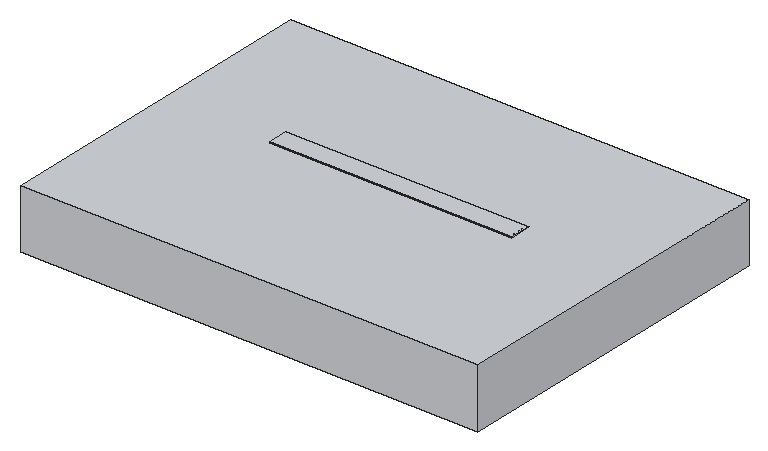
Revit family "M_Difusor de fornecimento com plenum - Fenda linear - Hospedado", category Terminais de ar, Revit 2019
Family settings
  Hospedeiro = Face
  Cota do conector redondo = Usar raio
  Tipo de parte = Normal
  Número OmniClass = 23.75.70.21.27.11
  Título OmniClass = Diffusers, Registers, and Grilles
  ID de item do Seek = Supply Diffuser with Plenum - Linear Slot - Hosted-0000-CAN-ENU
  Corte com vazios quando carregada = Não
  Compartilhado = Não
  Ponto de cálculo do ambiente = Não
Parameters (values of type "Padrão")
  Largura 5 = Largura de meio difusor + 32 mm  # 73.5 mm
  Largura 4 = Largura de meio difusor / 4  # 10.375 mm
  Largura 3 = Largura de meio difusor / 3  # 13.833 mm
  Largura 2 = Largura de meio difusor / 2  # 20.75 mm
  Largura 1 = Largura do difusor / 2 + 12.5 mm  # 54 mm
  Largura da fenda = 25 mm
  Número da fenda = 2
  Queda de pressão [instance] = 18.0 Pa
  Raio do duto = 75 mm
  Diâmetro do duto = Raio do duto * 2  # 150 mm
  Comprimento 1 = Comprimento do difusor / 2 + 12.5 mm  # 622 mm
  Fluxo [instance] = 57.0 L/s
  Material do difusor = none
  Comprimento de meio difusor = Comprimento do difusor * 1 / 2  # 609.5 mm
  Largura do difusor = 83 mm
  Comprimento do difusor = 1219 mm
  Largura de meio difusor = Largura do difusor * 1 / 2  # 41.5 mm
  Elevação-padrão = 1200 mm
  Assembly Code = ""
  Visibilidade da fenda 4 = Número da fenda = 4  # no
  Visibilidade da fenda 3 = Número da fenda = 3  # no
  Visibilidade da fenda 2 = Número da fenda = 2  # yes
  Visibilidade da fenda 1 = Número da fenda = 1  # no
Reference planes
  plane 1 "Centro (Frente/Trás)": y = 0
  plane 2: z = 0
  plane 3 "Centro (Esquerda/Direita)": x = 0
  plane 4: y = -41.5
  plane 5: y = -54
  plane 6: y = 54
  plane 7: y = 41.5
  plane 8: x = -609.5
  plane 9: x = 622
  plane 10: x = 609.5
  plane 11: x = -622
  plane 12 "superfície superior": z = 3.175
  plane 13: z = -279.4
  plane 14: z = -234.95
  plane 15: z = -159.95
  plane 16: x = -75
  plane 17: x = 75
  plane 18: y = -73.5
  plane 19: y = 20.75
  plane 20: y = -20.75
  plane 21: y = 27.667
  plane 22: y = -27.667
  plane 23: y = 10.375
  plane 24: y = 31.125
  plane 25: y = -10.375
  plane 26: y = -31.125
Forms (mm)
  Extrusion 1, solid
    sketch origin (0, 0, 0) x (1, 0, 0) y (0, 1, 0)
      loop
        line (-1180.8, 784.25) -> (-1180.8, -956.15) -> (1168.1, -956.15) -> (1168.1, 784.25) -> (-1180.8, 784.25)
    from 0 to -304.8
  Extrusion 2, solid, material <- "Material do difusor"
    sketch origin (0, 0, 0) x (1, 0, 0) y (0, 1, 0)
      loop
        line (-609.5, 41.5) -> (-609.5, -41.5) -> (609.5, -41.5) -> (609.5, 41.5) -> (-609.5, 41.5)
    from -279.4 to 0
  Extrusion 3, solid, material <- "Material do difusor"
    sketch origin (-200.09, -6.234, 0) x (1, 0, 0) y (0, 1, 0)
      loop
        line (-421.91, 60.234) -> (-421.91, -47.766) -> (822.09, -47.766) -> (822.09, 60.234) -> (-421.91, 60.234)
    from 0 to 3.175
  Extrusion 4, solid, material <- "Material do difusor"
    sketch origin (0, 0, 0) x (1, 0, 0) y (0, 0, 1)
      loop
        circle (0, -159.95) r 75
    from 41.5 to 73.5
Lines and regions (mm)
  model lines
    curve 1: line (-609.5, 41.5, 3.175) -> (609.5, 41.5, 3.175)
    curve 2: line (-609.5, -41.5, 3.175) -> (-609.5, 41.5, 3.175)
    curve 3: line (609.5, -41.5, 3.175) -> (-609.5, -41.5, 3.175)
    curve 4: line (609.5, 41.5, 3.175) -> (609.5, -41.5, 3.175)
  model lines, visible <- "Visibilidade da fenda 2"
    curve 5: line (-609.5, 20.75, 3.175) -> (609.5, 20.75, 3.175)
    curve 6: line (-609.5, -20.75, 3.175) -> (609.5, -20.75, 3.175)
  model lines, visible <- "Visibilidade da fenda 4"
    curve 7: line (-609.5, 31.125, 3.175) -> (609.5, 31.125, 3.175)
    curve 8: line (-609.5, -31.125, 3.175) -> (609.5, -31.125, 3.175)
    curve 9: line (-609.5, 10.375, 3.175) -> (609.5, 10.375, 3.175)
    curve 10: line (-609.5, -10.375, 3.175) -> (609.5, -10.375, 3.175)
  model lines, visible <- "Visibilidade da fenda 3"
    curve 11: line (-609.5, 0, 3.175) -> (609.5, 0, 3.175)
    curve 12: line (-609.5, 27.667, 3.175) -> (609.5, 27.667, 3.175)
    curve 13: line (-609.5, -27.667, 3.175) -> (609.5, -27.667, 3.175)
  model lines, visible <- "Visibilidade da fenda 1"
    curve 14: line (-609.5, 0, 3.175) -> (609.5, 0, 3.175)
  symbolic lines, visible <- "Visibilidade da fenda 1", detail levels fine
    curve 15: line (-609.5, 0, 0) -> (609.5, 0, 0)
  symbolic lines, visible <- "Visibilidade da fenda 3", detail levels fine
    curve 16: line (-609.5, 0, 0) -> (609.5, 0, 0)
    curve 21: line (-609.5, 27.667, 0) -> (609.5, 27.667, 0)
    curve 22: line (-609.5, -27.667, 0) -> (609.5, -27.667, 0)
  symbolic lines, visible <- "Visibilidade da fenda 4", detail levels fine
    curve 17: line (-609.5, 10.375, 0) -> (609.5, 10.375, 0)
    curve 18: line (-609.5, -10.375, 0) -> (609.5, -10.375, 0)
    curve 23: line (-609.5, 31.125, 0) -> (609.5, 31.125, 0)
    curve 24: line (-609.5, -31.125, 0) -> (609.5, -31.125, 0)
  symbolic lines, visible <- "Visibilidade da fenda 2", detail levels fine
    curve 19: line (-609.5, 20.75, 0) -> (609.5, 20.75, 0)
    curve 20: line (-609.5, -20.75, 0) -> (609.5, -20.75, 0)
  symbolic lines
    curve 25: line (-622, 54, 0) -> (622, 54, 0)
    curve 26: line (-622, -54, 0) -> (-622, 54, 0)
    curve 27: line (622, -54, 0) -> (-622, -54, 0)
    curve 28: line (622, 54, 0) -> (622, -54, 0)
  symbolic lines, detail levels fine
    curve 29: line (-609.5, 41.5, 0) -> (609.5, 41.5, 0)
    curve 30: line (-609.5, -41.5, 0) -> (-609.5, 41.5, 0)
    curve 31: line (609.5, -41.5, 0) -> (-609.5, -41.5, 0)
    curve 32: line (609.5, 41.5, 0) -> (609.5, -41.5, 0)
Dimensions and locks
  locked: level to plane 12 "superfície superior" at 3.175
  locked: level to plane 13 at 279.4
  locked: plane 14 to plane 13 at 44.45
  equal spacing: plane 16, plane 3 "Centro (Esquerda/Direita)", plane 17
  "Diâmetro do duto": plane 16 to plane 17
  "Raio do duto": plane 15 to plane 14
  "Comprimento 1": plane 3 "Centro (Esquerda/Direita)" to plane 9
  "Comprimento 1": plane 11 to plane 3 "Centro (Esquerda/Direita)"
  "Largura 1": plane 6 to plane 1 "Centro (Frente/Trás)"
  "Largura 1": plane 5 to plane 1 "Centro (Frente/Trás)"
  "Comprimento de meio difusor": plane 8 to plane 3 "Centro (Esquerda/Direita)"
  "Comprimento de meio difusor": plane 3 "Centro (Esquerda/Direita)" to plane 10
  "Largura de meio difusor": plane 1 "Centro (Frente/Trás)" to plane 7
  "Largura de meio difusor": plane 4 to plane 1 "Centro (Frente/Trás)"
  "Largura 2": plane 1 "Centro (Frente/Trás)" to plane 19
  "Largura 2": plane 20 to plane 1 "Centro (Frente/Trás)"
  "Largura 3": plane 21 to plane 7
  "Largura 3": plane 22 to plane 4
  "Largura 4": plane 23 to plane 1 "Centro (Frente/Trás)"
  "Largura 4": plane 24 to plane 7
  "Largura 4": plane 25 to plane 1 "Centro (Frente/Trás)"
  "Largura 4": plane 26 to plane 4
  "Largura 5": plane 18 to plane 1 "Centro (Frente/Trás)"
  "Raio do duto": radius of Extrusion 4 sketch curve
  aligned and locked: plane 2 to Extrusion 1
  aligned and locked: level to Extrusion 1
  aligned and locked: Extrusion 2 to plane 13
  aligned and locked: level to Extrusion 2
  aligned and locked: plane 4 to curve 3
  aligned and locked: plane 7 to curve 1
  aligned and locked: plane 10 to Extrusion 2
  aligned and locked: plane 3 "Centro (Esquerda/Direita)" to Extrusion 4 sketch curve
  aligned and locked: plane 15 to Extrusion 4 sketch curve
  aligned and locked: plane 8 to curve 2
  aligned and locked: Extrusion 2 to plane 8
  aligned and locked: Extrusion 3 to plane 11
  aligned and locked: plane 9 to Extrusion 3
  aligned and locked: plane 6 to Extrusion 3
  aligned and locked: plane 5 to Extrusion 3
  aligned and locked: Extrusion 2 to plane 7
  aligned and locked: Extrusion 2 to plane 4
  aligned and locked: plane 4 to Extrusion 4
  aligned and locked: Extrusion 4 to plane 18
  aligned and locked: curve 5 to plane 19
  aligned and locked: plane 20 to curve 6
  aligned and locked: curve 7 to plane 24
  aligned and locked: plane 26 to curve 8
  aligned and locked: curve 9 to plane 23
  aligned and locked: plane 25 to curve 10
  aligned and locked: curve 12 to plane 21
  aligned and locked: curve 13 to plane 22
  aligned and locked: plane 1 "Centro (Frente/Trás)" to curve 11
  aligned and locked: plane 1 "Centro (Frente/Trás)" to curve 14
  aligned and locked: plane 18 to Extrusion 4  (x3)
  aligned and locked: curve 15 to curve 14
  aligned and locked: curve 16 to curve 14
  aligned and locked: curve 17 to curve 9
  aligned and locked: curve 18 to curve 10
  aligned and locked: curve 19 to curve 5
  aligned and locked: curve 20 to curve 6
  aligned and locked: curve 21 to curve 12
  aligned and locked: curve 22 to curve 13
  aligned and locked: curve 23 to curve 7
  aligned and locked: curve 24 to curve 8
  aligned and locked: curve 25 to Extrusion 3  (x2)
  aligned and locked: Extrusion 3 to curve 28
  aligned and locked: curve 28 to Extrusion 3
  aligned and locked: curve 2 to curve 29
  aligned and locked: curve 29 to curve 1
  aligned and locked: curve 32 to curve 3
  aligned and locked: curve 32 to curve 4
Automatic sketch dimensions
  Extrusion 2 sketch curve to plane 4 = 0 mm
  Extrusion 2 sketch curve to plane 8 = 0 mm
  Extrusion 2 sketch curve to plane 10 = 0 mm
  Extrusion 2 sketch curve to plane 7 = 0 mm
  Extrusion 3 sketch curve to plane 5 = 0 mm
  Extrusion 3 sketch curve to plane 11 = 0 mm
  Extrusion 3 sketch curve to plane 9 = 0 mm
  Extrusion 3 sketch curve to plane 6 = 0 mm
  curve 6 to plane 8 = 0 mm
  curve 5 to plane 8 = 0 mm
  curve 6 to plane 10 = 0 mm
  curve 5 to plane 10 = 0 mm
  curve 14 to plane 10 = 0 mm
  Extrusion 1 sketch curve to Extrusion 1 sketch curve = 2348.9 mm
  Extrusion 1 sketch curve to Extrusion 1 sketch curve = 1740.4 mm
Connectors
  hvac at (0, -73.5, -159.95), driven by "Fluxo", driven by "Raio do duto", driven by "Queda de pressão"
    settings: on Extrusion 4, index 1, duct flow 57.0 L/s, flow factor 0, pres drop 18.0 Pa, loss coef 0, conn angle 0.00°, conn width 304.8 mm, conn height 304.8 mm, conn diameter 150 mm, duct sys type 1, conn prof type 0, flow config 1, flow direction 1, loss method 4, conn ref index -1, conn util no, is conn primary yes, conn desc ""
Types in the file's own list only (48): name | Largura 5 | Largura 4 | Largura 3 | Largura 2 | Largura 1 | Largura da fenda | Número da fenda | Comprimento 1 | Comprimento de meio difusor | Largura do difusor | Comprimento do difusor | Largura de meio difusor | Visibilidade da fenda 4 | Visibilidade da fenda 3 | Visibilidade da fenda 2 | Visibilidade da fenda 1
  Entrada com 1 slot de 600mmx50mm-150 mm | 57 mm | 6 mm | 8 mm | 13 mm | 38 mm | 13 mm | 1 | 313 mm | 300 mm | 50 mm | 600 mm | 25 mm | Não | Não | Não | Sim
  Entrada com 1 slot de 1200mmx50mm-150 mm | 57 mm | 6 mm | 8 mm | 13 mm | 38 mm | 13 mm | 1 | 613 mm | 600 mm | 50 mm | 1200 mm | 25 mm | Não | Não | Não | Sim
  Entrada com 1 slot de 1200mmx50mm-200 mm | 57 mm | 6 mm | 8 mm | 13 mm | 38 mm | 13 mm | 1 | 613 mm | 600 mm | 50 mm | 1200 mm | 25 mm | Não | Não | Não | Sim
  Entrada com 1 slot de 1500mmx50mm-150 mm | 57 mm | 6 mm | 8 mm | 13 mm | 38 mm | 13 mm | 1 | 763 mm | 750 mm | 50 mm | 1500 mm | 25 mm | Não | Não | Não | Sim
  Entrada com 1 slot de 600mmx56.3mm-150 mm | 60 mm | 7 mm | 9 mm | 14 mm | 41 mm | 19 mm | 1 | 313 mm | 300 mm | 56 mm | 600 mm | 28 mm | Não | Não | Não | Sim
  Entrada com 1 slot de 600mmx56.3mm-200 mm | 60 mm | 7 mm | 9 mm | 14 mm | 41 mm | 19 mm | 1 | 313 mm | 300 mm | 56 mm | 600 mm | 28 mm | Não | Não | Não | Sim
  Entrada com 1 slot de 1200mmx56.3mm-150 mm | 60 mm | 7 mm | 9 mm | 14 mm | 41 mm | 19 mm | 1 | 613 mm | 600 mm | 56 mm | 1200 mm | 28 mm | Não | Não | Não | Sim
  Entrada com 1 slot de 1200mmx56.3mm-200 mm | 60 mm | 7 mm | 9 mm | 14 mm | 41 mm | 19 mm | 1 | 613 mm | 600 mm | 56 mm | 1200 mm | 28 mm | Não | Não | Não | Sim
  Entrada com 1 slot de 1500mmx56.25mm-200 mm | 60 mm | 7 mm | 9 mm | 14 mm | 41 mm | 19 mm | 1 | 763 mm | 750 mm | 56 mm | 1500 mm | 28 mm | Não | Não | Não | Sim
  Entrada com 1 slot de 600mmx62.5mm-150 mm | 63 mm | 8 mm | 10 mm | 16 mm | 44 mm | 25 mm | 1 | 313 mm | 300 mm | 63 mm | 600 mm | 31 mm | Não | Não | Não | Sim
  Entrada com 1 slot de 600mmx62.5mm-200 mm | 63 mm | 8 mm | 10 mm | 16 mm | 44 mm | 25 mm | 1 | 313 mm | 300 mm | 63 mm | 600 mm | 31 mm | Não | Não | Não | Sim
  Entrada com 1 slot de 1200mmx62.5mm-150 mm | 63 mm | 8 mm | 10 mm | 16 mm | 44 mm | 25 mm | 1 | 613 mm | 600 mm | 63 mm | 1200 mm | 31 mm | Não | Não | Não | Sim
  Entrada com 1 slot de 1200mmx62.5mm-200 mm | 63 mm | 8 mm | 10 mm | 16 mm | 44 mm | 25 mm | 1 | 613 mm | 600 mm | 63 mm | 1200 mm | 31 mm | Não | Não | Não | Sim
  Entrada com 1 slot de 1500mmx62.5mm-150 mm | 63 mm | 8 mm | 10 mm | 16 mm | 44 mm | 25 mm | 1 | 763 mm | 750 mm | 63 mm | 1500 mm | 31 mm | Não | Não | Não | Sim
  Entrada com 2 slots de 600mmx81.3mm-150 mm | 73 mm | 10 mm | 14 mm | 20 mm | 53 mm | 13 mm | 2 | 313 mm | 300 mm | 81 mm | 600 mm | 41 mm | Não | Não | Sim | Não
  Entrada com 2 slots de 1200mmx81.3mm-150 mm | 73 mm | 10 mm | 14 mm | 20 mm | 53 mm | 13 mm | 2 | 613 mm | 600 mm | 81 mm | 1200 mm | 41 mm | Não | Não | Sim | Não
  Entrada com 2 slots de 1200mmx81.3mm-200 | 73 mm | 10 mm | 14 mm | 20 mm | 53 mm | 13 mm | 2 | 613 mm | 600 mm | 81 mm | 1200 mm | 41 mm | Não | Não | Sim | Não
  Entrada com 2 slots de 1500mmx81.3mm-200 mm | 73 mm | 10 mm | 14 mm | 20 mm | 53 mm | 13 mm | 2 | 763 mm | 750 mm | 81 mm | 1500 mm | 41 mm | Não | Não | Sim | Não
  Entrada com 2 slots de 600mmx93.8mm-150 mm | 79 mm | 12 mm | 16 mm | 23 mm | 59 mm | 19 mm | 2 | 313 mm | 300 mm | 94 mm | 600 mm | 47 mm | Não | Não | Sim | Não
  Entrada com 2 slots de 600mmx93.8mm-200 mm | 79 mm | 12 mm | 16 mm | 23 mm | 59 mm | 19 mm | 2 | 313 mm | 300 mm | 94 mm | 600 mm | 47 mm | Não | Não | Sim | Não
  Entrada com 2 slots de 1200mmx93.8mm-150 mm | 79 mm | 12 mm | 16 mm | 23 mm | 59 mm | 19 mm | 2 | 613 mm | 600 mm | 94 mm | 1200 mm | 47 mm | Não | Não | Sim | Não
  Entrada com 2 slots de 1200mmx93.8mm-200 mm | 79 mm | 12 mm | 16 mm | 23 mm | 59 mm | 19 mm | 2 | 613 mm | 600 mm | 94 mm | 1200 mm | 47 mm | Não | Não | Sim | Não
  Entrada com 2 slots de 1500mmx93.8mm-200 mm | 79 mm | 12 mm | 16 mm | 23 mm | 59 mm | 19 mm | 2 | 763 mm | 750 mm | 94 mm | 1500 mm | 47 mm | Não | Não | Sim | Não
  Entrada com 2 slots de 600mmx106.3mm-150 mm | 85 mm | 13 mm | 18 mm | 27 mm | 66 mm | 25 mm | 2 | 313 mm | 300 mm | 106 mm | 600 mm | 53 mm | Não | Não | Sim | Não
  Entrada com 2 slots de 600mmx106.3mm-200 mm | 85 mm | 13 mm | 18 mm | 27 mm | 66 mm | 25 mm | 2 | 313 mm | 300 mm | 106 mm | 600 mm | 53 mm | Não | Não | Sim | Não
  Entrada com 2 slots de 1200mmx106.3mm-150 mm | 85 mm | 13 mm | 18 mm | 27 mm | 66 mm | 25 mm | 2 | 613 mm | 600 mm | 106 mm | 1200 mm | 53 mm | Não | Não | Sim | Não
  Entrada com 2 slots de 1200mmx106.3mm-200 mm | 85 mm | 13 mm | 18 mm | 27 mm | 66 mm | 25 mm | 2 | 613 mm | 600 mm | 106 mm | 1200 mm | 53 mm | Não | Não | Sim | Não
  Entrada com 2 slots de 1500mmx106.3mm-150 mm | 85 mm | 13 mm | 18 mm | 27 mm | 66 mm | 25 mm | 2 | 763 mm | 750 mm | 106 mm | 1500 mm | 53 mm | Não | Não | Sim | Não
  Entrada com 3 slots de 600mmx131.3mm-150 mm | 98 mm | 16 mm | 22 mm | 33 mm | 78 mm | 19 mm | 3 | 313 mm | 300 mm | 131 mm | 600 mm | 66 mm | Não | Sim | Não | Não
  Entrada com 3 slots de 600mmx131.3mm-200 mm | 98 mm | 16 mm | 22 mm | 33 mm | 78 mm | 19 mm | 3 | 313 mm | 300 mm | 131 mm | 600 mm | 66 mm | Não | Sim | Não | Não
  Entrada com 2 slots de 1200mmx131.3mm-150 mm | 98 mm | 16 mm | 22 mm | 33 mm | 78 mm | 19 mm | 3 | 613 mm | 600 mm | 131 mm | 1200 mm | 66 mm | Não | Sim | Não | Não
  Entrada com 2 slots de 1200mmx131.3mm-200 mm | 98 mm | 16 mm | 22 mm | 33 mm | 78 mm | 19 mm | 3 | 613 mm | 600 mm | 131 mm | 1200 mm | 66 mm | Não | Sim | Não | Não
  Entrada com 3 slots de 1500mmx131.3mm-200 mm | 98 mm | 16 mm | 22 mm | 33 mm | 78 mm | 19 mm | 3 | 763 mm | 750 mm | 131 mm | 1500 mm | 66 mm | Não | Sim | Não | Não
  Entrada com 3 slots de 600mmx150mm-150 mm | 107 mm | 19 mm | 25 mm | 38 mm | 88 mm | 25 mm | 3 | 313 mm | 300 mm | 150 mm | 600 mm | 75 mm | Não | Sim | Não | Não
  Entrada com 3 slots de 600mmx150mm-200 mm | 107 mm | 19 mm | 25 mm | 38 mm | 88 mm | 25 mm | 3 | 313 mm | 300 mm | 150 mm | 600 mm | 75 mm | Não | Sim | Não | Não
  Entrada com 3 slots de 1200mmx150mm-150 mm | 107 mm | 19 mm | 25 mm | 38 mm | 88 mm | 25 mm | 3 | 613 mm | 600 mm | 150 mm | 1200 mm | 75 mm | Não | Sim | Não | Não
  Entrada com 3 slots de 1200mmx150mm-200 mm | 107 mm | 19 mm | 25 mm | 38 mm | 88 mm | 25 mm | 3 | 613 mm | 600 mm | 150 mm | 1200 mm | 75 mm | Não | Sim | Não | Não
  Entrada com 3 slots de 1500mmx150mm-200 mm | 107 mm | 19 mm | 25 mm | 38 mm | 88 mm | 25 mm | 3 | 763 mm | 750 mm | 150 mm | 1500 mm | 75 mm | Não | Sim | Não | Não
  Entrada com 4 slots de 600mmx168.8mm-150 mm | 116 mm | 21 mm | 28 mm | 42 mm | 97 mm | 19 mm | 4 | 313 mm | 300 mm | 169 mm | 600 mm | 84 mm | Sim | Não | Não | Não
  Entrada com 4 slots de 600mmx168.8mm-200 mm | 116 mm | 21 mm | 28 mm | 42 mm | 97 mm | 19 mm | 4 | 313 mm | 300 mm | 169 mm | 600 mm | 84 mm | Sim | Não | Não | Não
  Entrada com 4 slots de 1200mmx168.8mm-150 mm | 116 mm | 21 mm | 28 mm | 42 mm | 97 mm | 19 mm | 4 | 613 mm | 600 mm | 169 mm | 1200 mm | 84 mm | Sim | Não | Não | Não
  Entrada com 4 slots de 1200mmx168.8mm-200 mm | 116 mm | 21 mm | 28 mm | 42 mm | 97 mm | 19 mm | 4 | 613 mm | 600 mm | 169 mm | 1200 mm | 84 mm | Sim | Não | Não | Não
  Entrada com 4 slots de 1500mmx168.8mm-200 mm | 116 mm | 21 mm | 28 mm | 42 mm | 97 mm | 19 mm | 4 | 763 mm | 750 mm | 169 mm | 1500 mm | 84 mm | Sim | Não | Não | Não
  Entrada com 4 slots de 600mmx193.8mm-150 mm | 129 mm | 24 mm | 32 mm | 48 mm | 109 mm | 25 mm | 4 | 313 mm | 300 mm | 194 mm | 600 mm | 97 mm | Sim | Não | Não | Não
  Entrada com 4 slots de 600mmx193.8mm-200 mm | 129 mm | 24 mm | 32 mm | 48 mm | 109 mm | 25 mm | 4 | 313 mm | 300 mm | 194 mm | 600 mm | 97 mm | Sim | Não | Não | Não
  Entrada com 4 slots de 1200mmx193.8mm-150 mm | 129 mm | 24 mm | 32 mm | 48 mm | 109 mm | 25 mm | 4 | 613 mm | 600 mm | 194 mm | 1200 mm | 97 mm | Sim | Não | Não | Não
  Entrada com 4 slots de 1200mmx193.8mm-200 mm | 129 mm | 24 mm | 32 mm | 48 mm | 109 mm | 25 mm | 4 | 613 mm | 600 mm | 194 mm | 1200 mm | 97 mm | Sim | Não | Não | Não
  Entrada com 4 slots de 1500mmx193.8mm-150 mm | 129 mm | 24 mm | 32 mm | 48 mm | 109 mm | 25 mm | 4 | 763 mm | 750 mm | 194 mm | 1500 mm | 97 mm | Sim | Não | Não | Não
